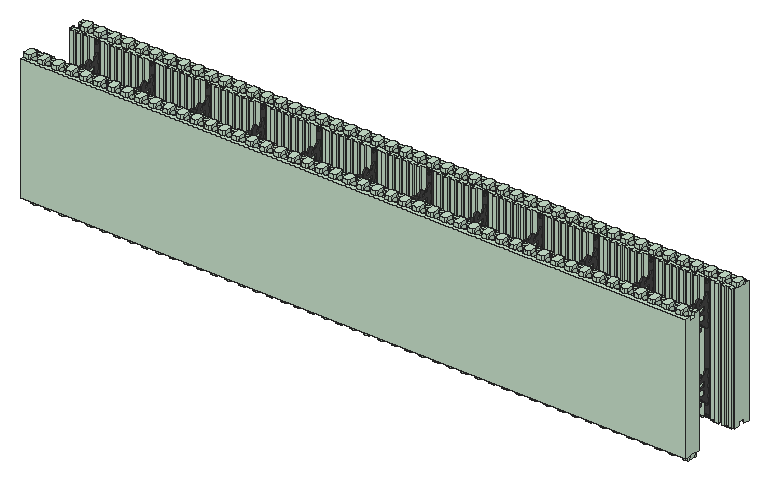
Revit family
Parameters (values of type "6-inch Standard Form Unit")
  URL = "www.nudura.com"
  Overall Form Thickness = 0' - 11 1/4"
  Model = "6-inch Standard Form Unit"
  Manufacturer = "NUDURA Corporation"
  Length = 8' - 0"
  Concrete Core Thickness = 0' - 6"
Reference planes (in)
  plane 1 "Center (Front/Back)": y = 0
  plane 2: z = 0
  plane 3 "Center (Left/Right)": x = 0
  plane 4: x = 96
  plane 5: y = 3
  plane 6: y = -3
  plane 7: y = 5.625
  plane 8: y = -5.625
  plane 9: z = 18
  plane 10: z = 18.5
  plane 11: z = -0.5
Forms (in)
  Extrusion 1, solid, material "EPS- NUDURA- Foam Panel"
    sketch origin (0, 0, 0) x (1, 0, 0) y (0, 1, 0)
      loop
        line (0.28117, 3.25) -> (0.21883, 3) -> (0.78117, 3) -> (0.71883, 3.25) -> (1.28117, 3.25) -> (1.21883, 3) -> (1.78117, 3) -> (1.71883, 3.25) -> (2.28117, 3.25) -> (2.21883, 3) -> (2.78117, 3) -> (2.71883, 3.25) -> (5.28117, 3.25) -> (5.21883, 3) -> (5.78117, 3) -> (5.71883, 3.25) -> (6.28117, 3.25) -> (6.21883, 3) -> (6.78117, 3) -> (6.71883, 3.25) -> (7.28117, 3.25) -> (7.21883, 3) -> (7.78117, 3) -> (7.71883, 3.25) -> (8.28117, 3.25) -> (8.21883, 3) -> (8.78117, 3) -> (8.71883, 3.25) -> (9.28117, 3.25) -> (9.21883, 3) -> (9.78117, 3) -> (9.71883, 3.25) -> (10.28117, 3.25) -> (10.21883, 3) -> (10.78117, 3) -> (10.71883, 3.25) -> (13.28117, 3.25) -> (13.21883, 3) -> (13.78117, 3) -> (13.71883, 3.25) -> (14.28117, 3.25) -> (14.21883, 3) -> (14.78117, 3) -> (14.71883, 3.25) -> (15.28117, 3.25) -> (15.21883, 3) -> (15.78117, 3) -> (15.71883, 3.25) -> (16.28117, 3.25) -> (16.21883, 3) -> (16.78117, 3) -> (16.71883, 3.25) -> (17.28117, 3.25) -> (17.21883, 3) -> (17.78117, 3) -> (17.71883, 3.25) -> (18.28117, 3.25) -> (18.21883, 3) -> (18.78117, 3) -> (18.71883, 3.25) -> (21.28117, 3.25) -> (21.21883, 3) -> (21.78117, 3) -> (21.71883, 3.25) -> (22.28117, 3.25) -> (22.21883, 3) -> (22.78117, 3) -> (22.71883, 3.25) -> (23.28117, 3.25) -> (23.21883, 3) -> (23.78117, 3) -> (23.71883, 3.25) -> (24.28117, 3.25) -> (24.21883, 3) -> (24.78117, 3) -> (24.71883, 3.25) -> (25.28117, 3.25) -> (25.21883, 3) -> (25.78117, 3) -> (25.71883, 3.25) -> (26.28117, 3.25) -> (26.21883, 3) -> (26.78117, 3) -> (26.71883, 3.25) -> (29.28117, 3.25) -> (29.21883, 3) -> (29.78117, 3) -> (29.71883, 3.25) -> (30.28117, 3.25) -> (30.21883, 3) -> (30.78117, 3) -> (30.71883, 3.25) -> (31.28117, 3.25) -> (31.21883, 3) -> (31.78117, 3) -> (31.71883, 3.25) -> (32.28117, 3.25) -> (32.21883, 3) -> (32.78117, 3) -> (32.71883, 3.25) -> (33.28117, 3.25) -> (33.21883, 3) -> (33.78117, 3) -> (33.71883, 3.25) -> (34.28117, 3.25) -> (34.21883, 3) -> (34.78117, 3) -> (34.71883, 3.25) -> (37.28117, 3.25) -> (37.21883, 3) -> (37.78117, 3) -> (37.71883, 3.25) -> (38.28117, 3.25) -> (38.21883, 3) -> (38.78117, 3) -> (38.71883, 3.25) -> (39.28117, 3.25) -> (39.21883, 3) -> (39.78117, 3) -> (39.71883, 3.25) -> (40.28117, 3.25) -> (40.21883, 3) -> (40.78117, 3) -> (40.71883, 3.25) -> (41.28117, 3.25) -> (41.21883, 3) -> (41.78117, 3) -> (41.71883, 3.25) -> (42.28117, 3.25) -> (42.21883, 3) -> (42.78117, 3) -> (42.71883, 3.25) -> (45.28117, 3.25) -> (45.21883, 3) -> (45.78117, 3) -> (45.71883, 3.25) -> (46.28117, 3.25) -> (46.21883, 3) -> (46.78117, 3) -> (46.71883, 3.25) -> (47.28117, 3.25) -> (47.21883, 3) -> (47.78117, 3) -> (47.71883, 3.25) -> (48.28117, 3.25) -> (48.21883, 3) -> (48.78117, 3) -> (48.71883, 3.25) -> (49.28117, 3.25) -> (49.21883, 3) -> (49.78117, 3) -> (49.71883, 3.25) -> (50.28117, 3.25) -> (50.21883, 3) -> (50.78117, 3) -> (50.71883, 3.25) -> (53.28117, 3.25) -> (53.21883, 3) -> (53.78117, 3) -> (53.71883, 3.25) -> (54.28117, 3.25) -> (54.21883, 3) -> (54.78117, 3) -> (54.71883, 3.25) -> (55.28117, 3.25) -> (55.21883, 3) -> (55.78117, 3) -> (55.71883, 3.25) -> (56.28117, 3.25) -> (56.21883, 3) -> (56.78117, 3) -> (56.71883, 3.25) -> (57.28117, 3.25) -> (57.21883, 3) -> (57.78117, 3) -> (57.71883, 3.25) -> (58.28117, 3.25) -> (58.21883, 3) -> (58.78117, 3) -> (58.71883, 3.25) -> (61.28117, 3.25) -> (61.21883, 3) -> (61.78117, 3) -> (61.71883, 3.25) -> (62.28117, 3.25) -> (62.21883, 3) -> (62.78117, 3) -> (62.71883, 3.25) -> (63.28117, 3.25) -> (63.21883, 3) -> (63.78117, 3) -> (63.71883, 3.25) -> (64.28117, 3.25) -> (64.21883, 3) -> (64.78117, 3) -> (64.71883, 3.25) -> (65.28117, 3.25) -> (65.21883, 3) -> (65.78117, 3) -> (65.71883, 3.25) -> (66.28117, 3.25) -> (66.21883, 3) -> (66.78117, 3) -> (66.71883, 3.25) -> (69.28117, 3.25) -> (69.21883, 3) -> (69.78117, 3) -> (69.71883, 3.25) -> (70.28117, 3.25) -> (70.21883, 3) -> (70.78117, 3) -> (70.71883, 3.25) -> (71.28117, 3.25) -> (71.21883, 3) -> (71.78117, 3) -> (71.71883, 3.25) -> (72.28117, 3.25) -> (72.21883, 3) -> (72.78117, 3) -> (72.71883, 3.25) -> (73.28117, 3.25) -> (73.21883, 3) -> (73.78117, 3) -> (73.71883, 3.25) -> (74.28117, 3.25) -> (74.21883, 3) -> (74.78117, 3) -> (74.71883, 3.25) -> (77.28117, 3.25) -> (77.21883, 3) -> (77.78117, 3) -> (77.71883, 3.25) -> (78.28117, 3.25) -> (78.21883, 3) -> (78.78117, 3) -> (78.71883, 3.25) -> (79.28117, 3.25) -> (79.21883, 3) -> (79.78117, 3) -> (79.71883, 3.25) -> (80.28117, 3.25) -> (80.21883, 3) -> (80.78117, 3) -> (80.71883, 3.25) -> (81.28117, 3.25) -> (81.21883, 3) -> (81.78117, 3) -> (81.71883, 3.25) -> (82.28117, 3.25) -> (82.21883, 3) -> (82.78117, 3) -> (82.71883, 3.25) -> (85.28117, 3.25) -> (85.21883, 3) -> (85.78117, 3) -> (85.71883, 3.25) -> (86.28117, 3.25) -> (86.21883, 3) -> (86.78117, 3) -> (86.71883, 3.25) -> (87.28117, 3.25) -> (87.21883, 3) -> (87.78117, 3) -> (87.71883, 3.25) -> (88.28117, 3.25) -> (88.21883, 3) -> (88.78117, 3) -> (88.71883, 3.25) -> (89.28117, 3.25) -> (89.21883, 3) -> (89.78117, 3) -> (89.71883, 3.25) -> (90.28117, 3.25) -> (90.21883, 3) -> (90.78117, 3) -> (90.71883, 3.25) -> (93.28117, 3.25) -> (93.21883, 3) -> (93.78117, 3) -> (93.71883, 3.25) -> (94.28117, 3.25) -> (94.21883, 3) -> (94.78117, 3) -> (94.71883, 3.25) -> (95.28117, 3.25) -> (95.21883, 3) -> (95.78117, 3) -> (95.71883, 3.25) -> (96, 3.25) -> (96, 5.625) -> (0, 5.625) -> (0, 3.25) -> (0.28117, 3.25)
      loop
        line (0.28117, -3.25) -> (0, -3.25) -> (0, -5.625) -> (96, -5.625) -> (96, -3.25) -> (95.71883, -3.25) -> (95.78117, -3) -> (95.21883, -3) -> (95.28117, -3.25) -> (94.71883, -3.25) -> (94.78117, -3) -> (94.21883, -3) -> (94.28117, -3.25) -> (93.71883, -3.25) -> (93.78117, -3) -> (93.21883, -3) -> (93.28117, -3.25) -> (90.71883, -3.25) -> (90.78117, -3) -> (90.21883, -3) -> (90.28117, -3.25) -> (89.71883, -3.25) -> (89.78117, -3) -> (89.21883, -3) -> (89.28117, -3.25) -> (88.71883, -3.25) -> (88.78117, -3) -> (88.21883, -3) -> (88.28117, -3.25) -> (87.71883, -3.25) -> (87.78117, -3) -> (87.21883, -3) -> (87.28117, -3.25) -> (86.71883, -3.25) -> (86.78117, -3) -> (86.21883, -3) -> (86.28117, -3.25) -> (85.71883, -3.25) -> (85.78117, -3) -> (85.21883, -3) -> (85.28117, -3.25) -> (82.71883, -3.25) -> (82.78117, -3) -> (82.21883, -3) -> (82.28117, -3.25) -> (81.71883, -3.25) -> (81.78117, -3) -> (81.21883, -3) -> (81.28117, -3.25) -> (80.71883, -3.25) -> (80.78117, -3) -> (80.21883, -3) -> (80.28117, -3.25) -> (79.71883, -3.25) -> (79.78117, -3) -> (79.21883, -3) -> (79.28117, -3.25) -> (78.71883, -3.25) -> (78.78117, -3) -> (78.21883, -3) -> (78.28117, -3.25) -> (77.71883, -3.25) -> (77.78117, -3) -> (77.21883, -3) -> (77.28117, -3.25) -> (74.71883, -3.25) -> (74.78117, -3) -> (74.21883, -3) -> (74.28117, -3.25) -> (73.71883, -3.25) -> (73.78117, -3) -> (73.21883, -3) -> (73.28117, -3.25) -> (72.71883, -3.25) -> (72.78117, -3) -> (72.21883, -3) -> (72.28117, -3.25) -> (71.71883, -3.25) -> (71.78117, -3) -> (71.21883, -3) -> (71.28117, -3.25) -> (70.71883, -3.25) -> (70.78117, -3) -> (70.21883, -3) -> (70.28117, -3.25) -> (69.71883, -3.25) -> (69.78117, -3) -> (69.21883, -3) -> (69.28117, -3.25) -> (66.71883, -3.25) -> (66.78117, -3) -> (66.21883, -3) -> (66.28117, -3.25) -> (65.71883, -3.25) -> (65.78117, -3) -> (65.21883, -3) -> (65.28117, -3.25) -> (64.71883, -3.25) -> (64.78117, -3) -> (64.21883, -3) -> (64.28117, -3.25) -> (63.71883, -3.25) -> (63.78117, -3) -> (63.21883, -3) -> (63.28117, -3.25) -> (62.71883, -3.25) -> (62.78117, -3) -> (62.21883, -3) -> (62.28117, -3.25) -> (61.71883, -3.25) -> (61.78117, -3) -> (61.21883, -3) -> (61.28117, -3.25) -> (58.71883, -3.25) -> (58.78117, -3) -> (58.21883, -3) -> (58.28117, -3.25) -> (57.71883, -3.25) -> (57.78117, -3) -> (57.21883, -3) -> (57.28117, -3.25) -> (56.71883, -3.25) -> (56.78117, -3) -> (56.21883, -3) -> (56.28117, -3.25) -> (55.71883, -3.25) -> (55.78117, -3) -> (55.21883, -3) -> (55.28117, -3.25) -> (54.71883, -3.25) -> (54.78117, -3) -> (54.21883, -3) -> (54.28117, -3.25) -> (53.71883, -3.25) -> (53.78117, -3) -> (53.21883, -3) -> (53.28117, -3.25) -> (50.71883, -3.25) -> (50.78117, -3) -> (50.21883, -3) -> (50.28117, -3.25) -> (49.71883, -3.25) -> (49.78117, -3) -> (49.21883, -3) -> (49.28117, -3.25) -> (48.71883, -3.25) -> (48.78117, -3) -> (48.21883, -3) -> (48.28117, -3.25) -> (47.71883, -3.25) -> (47.78117, -3) -> (47.21883, -3) -> (47.28117, -3.25) -> (46.71883, -3.25) -> (46.78117, -3) -> (46.21883, -3) -> (46.28117, -3.25) -> (45.71883, -3.25) -> (45.78117, -3) -> (45.21883, -3) -> (45.28117, -3.25) -> (42.71883, -3.25) -> (42.78117, -3) -> (42.21883, -3) -> (42.28117, -3.25) -> (41.71883, -3.25) -> (41.78117, -3) -> (41.21883, -3) -> (41.28117, -3.25) -> (40.71883, -3.25) -> (40.78117, -3) -> (40.21883, -3) -> (40.28117, -3.25) -> (39.71883, -3.25) -> (39.78117, -3) -> (39.21883, -3) -> (39.28117, -3.25) -> (38.71883, -3.25) -> (38.78117, -3) -> (38.21883, -3) -> (38.28117, -3.25) -> (37.71883, -3.25) -> (37.78117, -3) -> (37.21883, -3) -> (37.28117, -3.25) -> (34.71883, -3.25) -> (34.78117, -3) -> (34.21883, -3) -> (34.28117, -3.25) -> (33.71883, -3.25) -> (33.78117, -3) -> (33.21883, -3) -> (33.28117, -3.25) -> (32.71883, -3.25) -> (32.78117, -3) -> (32.21883, -3) -> (32.28117, -3.25) -> (31.71883, -3.25) -> (31.78117, -3) -> (31.21883, -3) -> (31.28117, -3.25) -> (30.71883, -3.25) -> (30.78117, -3) -> (30.21883, -3) -> (30.28117, -3.25) -> (29.71883, -3.25) -> (29.78117, -3) -> (29.21883, -3) -> (29.28117, -3.25) -> (26.71883, -3.25) -> (26.78117, -3) -> (26.21883, -3) -> (26.28117, -3.25) -> (25.71883, -3.25) -> (25.78117, -3) -> (25.21883, -3) -> (25.28117, -3.25) -> (24.71883, -3.25) -> (24.78117, -3) -> (24.21883, -3) -> (24.28117, -3.25) -> (23.71883, -3.25) -> (23.78117, -3) -> (23.21883, -3) -> (23.28117, -3.25) -> (22.71883, -3.25) -> (22.78117, -3) -> (22.21883, -3) -> (22.28117, -3.25) -> (21.71883, -3.25) -> (21.78117, -3) -> (21.21883, -3) -> (21.28117, -3.25) -> (18.71883, -3.25) -> (18.78117, -3) -> (18.21883, -3) -> (18.28117, -3.25) -> (17.71883, -3.25) -> (17.78117, -3) -> (17.21883, -3) -> (17.28117, -3.25) -> (16.71883, -3.25) -> (16.78117, -3) -> (16.21883, -3) -> (16.28117, -3.25) -> (15.71883, -3.25) -> (15.78117, -3) -> (15.21883, -3) -> (15.28117, -3.25) -> (14.71883, -3.25) -> (14.78117, -3) -> (14.21883, -3) -> (14.28117, -3.25) -> (13.71883, -3.25) -> (13.78117, -3) -> (13.21883, -3) -> (13.28117, -3.25) -> (10.71883, -3.25) -> (10.78117, -3) -> (10.21883, -3) -> (10.28117, -3.25) -> (9.71883, -3.25) -> (9.78117, -3) -> (9.21883, -3) -> (9.28117, -3.25) -> (8.71883, -3.25) -> (8.78117, -3) -> (8.21883, -3) -> (8.28117, -3.25) -> (7.71883, -3.25) -> (7.78117, -3) -> (7.21883, -3) -> (7.28117, -3.25) -> (6.71883, -3.25) -> (6.78117, -3) -> (6.21883, -3) -> (6.28117, -3.25) -> (5.71883, -3.25) -> (5.78117, -3) -> (5.21883, -3) -> (5.28117, -3.25) -> (2.71883, -3.25) -> (2.78117, -3) -> (2.21883, -3) -> (2.28117, -3.25) -> (1.71883, -3.25) -> (1.78117, -3) -> (1.21883, -3) -> (1.28117, -3.25) -> (0.71883, -3.25) -> (0.78117, -3) -> (0.21883, -3) -> (0.28117, -3.25)
    from 0 to 18
  Extrusion 2, void
    sketch origin (0, 0, 0) x (1, 0, 0) y (0, 1, 0)
      loop
        arc (1, -4.89808) -> (1.04785, -5.04517) -> (1.17308, -5.13595) r 0.25
        arc (1.17308, -5.13595) -> (1.5, -5.1875) -> (1.82692, -5.13595) r 1.0625
        arc (1.82692, -5.13595) -> (1.95215, -5.04517) -> (2, -4.89808) r 0.25
        line (2, -4.89808) -> (2, -3.97692)
        arc (2, -3.97692) -> (1.98276, -3.88568) -> (1.9334, -3.80702) r 0.25
        arc (1.9334, -3.80702) -> (1.92106, -3.78736) -> (1.91675, -3.76455) r 0.0625
        line (1.91675, -3.76455) -> (1.91675, -3.41845) -> (1.74592, -3.41845) -> (1.74592, -3.64005)
        arc (1.74592, -3.64005) -> (1.72385, -3.68771) -> (1.67323, -3.70172) r 0.0625
        arc (1.67323, -3.70172) -> (1.42092, -3.69045) -> (1.17308, -3.73905) r 1.0625
        arc (1.17308, -3.73905) -> (1.04785, -3.82983) -> (1, -3.97692) r 0.25
        line (1, -3.97692) -> (1, -4.89808)
    from 18 to 17.5
  Extrusion 3, void
    sketch origin (2, 0, 0) x (1, 0, 0) y (0, 1, 0)
      loop
        arc (1, -4.89808) -> (1.04785, -5.04517) -> (1.17308, -5.13595) r 0.25
        arc (1.17308, -5.13595) -> (1.5, -5.1875) -> (1.82692, -5.13595) r 1.0625
        arc (1.82692, -5.13595) -> (1.95215, -5.04517) -> (2, -4.89808) r 0.25
        line (2, -4.89808) -> (2, -3.97692)
        arc (2, -3.97692) -> (1.98276, -3.88568) -> (1.9334, -3.80702) r 0.25
        arc (1.9334, -3.80702) -> (1.92106, -3.78736) -> (1.91675, -3.76455) r 0.0625
        line (1.91675, -3.76455) -> (1.91675, -3.41845) -> (1.74592, -3.41845) -> (1.74592, -3.64005)
        arc (1.74592, -3.64005) -> (1.72385, -3.68771) -> (1.67323, -3.70172) r 0.0625
        arc (1.67323, -3.70172) -> (1.42092, -3.69045) -> (1.17308, -3.73905) r 1.0625
        arc (1.17308, -3.73905) -> (1.04785, -3.82983) -> (1, -3.97692) r 0.25
        line (1, -3.97692) -> (1, -4.89808)
    from 18 to 17.5
  Extrusion 4, void
    sketch origin (4, 0, 0) x (1, 0, 0) y (0, 1, 0)
      loop
        arc (1, -4.89808) -> (1.04785, -5.04517) -> (1.17308, -5.13595) r 0.25
        arc (1.17308, -5.13595) -> (1.5, -5.1875) -> (1.82692, -5.13595) r 1.0625
        arc (1.82692, -5.13595) -> (1.95215, -5.04517) -> (2, -4.89808) r 0.25
        line (2, -4.89808) -> (2, -3.97692)
        arc (2, -3.97692) -> (1.98276, -3.88568) -> (1.9334, -3.80702) r 0.25
        arc (1.9334, -3.80702) -> (1.92106, -3.78736) -> (1.91675, -3.76455) r 0.0625
        line (1.91675, -3.76455) -> (1.91675, -3.41845) -> (1.74592, -3.41845) -> (1.74592, -3.64005)
        arc (1.74592, -3.64005) -> (1.72385, -3.68771) -> (1.67323, -3.70172) r 0.0625
        arc (1.67323, -3.70172) -> (1.42092, -3.69045) -> (1.17308, -3.73905) r 1.0625
        arc (1.17308, -3.73905) -> (1.04785, -3.82983) -> (1, -3.97692) r 0.25
        line (1, -3.97692) -> (1, -4.89808)
    from 18 to 17.5
  Extrusion 5, void
    sketch origin (6, 0, 0) x (1, 0, 0) y (0, 1, 0)
      loop
        arc (1, -4.89808) -> (1.04785, -5.04517) -> (1.17308, -5.13595) r 0.25
        arc (1.17308, -5.13595) -> (1.5, -5.1875) -> (1.82692, -5.13595) r 1.0625
        arc (1.82692, -5.13595) -> (1.95215, -5.04517) -> (2, -4.89808) r 0.25
        line (2, -4.89808) -> (2, -3.97692)
        arc (2, -3.97692) -> (1.98276, -3.88568) -> (1.9334, -3.80702) r 0.25
        arc (1.9334, -3.80702) -> (1.92106, -3.78736) -> (1.91675, -3.76455) r 0.0625
        line (1.91675, -3.76455) -> (1.91675, -3.41845) -> (1.74592, -3.41845) -> (1.74592, -3.64005)
        arc (1.74592, -3.64005) -> (1.72385, -3.68771) -> (1.67323, -3.70172) r 0.0625
        arc (1.67323, -3.70172) -> (1.42092, -3.69045) -> (1.17308, -3.73905) r 1.0625
        arc (1.17308, -3.73905) -> (1.04785, -3.82983) -> (1, -3.97692) r 0.25
        line (1, -3.97692) -> (1, -4.89808)
    from 18 to 17.5
  Extrusion 6, void
    sketch origin (8, 0, 0) x (1, 0, 0) y (0, 1, 0)
      loop
        arc (1, -4.89808) -> (1.04785, -5.04517) -> (1.17308, -5.13595) r 0.25
        arc (1.17308, -5.13595) -> (1.5, -5.1875) -> (1.82692, -5.13595) r 1.0625
        arc (1.82692, -5.13595) -> (1.95215, -5.04517) -> (2, -4.89808) r 0.25
        line (2, -4.89808) -> (2, -3.97692)
        arc (2, -3.97692) -> (1.98276, -3.88568) -> (1.9334, -3.80702) r 0.25
        arc (1.9334, -3.80702) -> (1.92106, -3.78736) -> (1.91675, -3.76455) r 0.0625
        line (1.91675, -3.76455) -> (1.91675, -3.41845) -> (1.74592, -3.41845) -> (1.74592, -3.64005)
        arc (1.74592, -3.64005) -> (1.72385, -3.68771) -> (1.67323, -3.70172) r 0.0625
        arc (1.67323, -3.70172) -> (1.42092, -3.69045) -> (1.17308, -3.73905) r 1.0625
        arc (1.17308, -3.73905) -> (1.04785, -3.82983) -> (1, -3.97692) r 0.25
        line (1, -3.97692) -> (1, -4.89808)
    from 18 to 17.5
  Extrusion 7, void
    sketch origin (10, 0, 0) x (1, 0, 0) y (0, 1, 0)
      loop
        arc (1, -4.89808) -> (1.04785, -5.04517) -> (1.17308, -5.13595) r 0.25
        arc (1.17308, -5.13595) -> (1.5, -5.1875) -> (1.82692, -5.13595) r 1.0625
        arc (1.82692, -5.13595) -> (1.95215, -5.04517) -> (2, -4.89808) r 0.25
        line (2, -4.89808) -> (2, -3.97692)
        arc (2, -3.97692) -> (1.98276, -3.88568) -> (1.9334, -3.80702) r 0.25
        arc (1.9334, -3.80702) -> (1.92106, -3.78736) -> (1.91675, -3.76455) r 0.0625
        line (1.91675, -3.76455) -> (1.91675, -3.41845) -> (1.74592, -3.41845) -> (1.74592, -3.64005)
        arc (1.74592, -3.64005) -> (1.72385, -3.68771) -> (1.67323, -3.70172) r 0.0625
        arc (1.67323, -3.70172) -> (1.42092, -3.69045) -> (1.17308, -3.73905) r 1.0625
        arc (1.17308, -3.73905) -> (1.04785, -3.82983) -> (1, -3.97692) r 0.25
        line (1, -3.97692) -> (1, -4.89808)
    from 18 to 17.5
  Extrusion 8, void
    sketch origin (12, 0, 0) x (1, 0, 0) y (0, 1, 0)
      loop
        arc (1, -4.89808) -> (1.04785, -5.04517) -> (1.17308, -5.13595) r 0.25
        arc (1.17308, -5.13595) -> (1.5, -5.1875) -> (1.82692, -5.13595) r 1.0625
        arc (1.82692, -5.13595) -> (1.95215, -5.04517) -> (2, -4.89808) r 0.25
        line (2, -4.89808) -> (2, -3.97692)
        arc (2, -3.97692) -> (1.98276, -3.88568) -> (1.9334, -3.80702) r 0.25
        arc (1.9334, -3.80702) -> (1.92106, -3.78736) -> (1.91675, -3.76455) r 0.0625
        line (1.91675, -3.76455) -> (1.91675, -3.41845) -> (1.74592, -3.41845) -> (1.74592, -3.64005)
        arc (1.74592, -3.64005) -> (1.72385, -3.68771) -> (1.67323, -3.70172) r 0.0625
        arc (1.67323, -3.70172) -> (1.42092, -3.69045) -> (1.17308, -3.73905) r 1.0625
        arc (1.17308, -3.73905) -> (1.04785, -3.82983) -> (1, -3.97692) r 0.25
        line (1, -3.97692) -> (1, -4.89808)
    from 18 to 17.5
  Extrusion 9, void
    sketch origin (14, 0, 0) x (1, 0, 0) y (0, 1, 0)
      loop
        arc (1, -4.89808) -> (1.04785, -5.04517) -> (1.17308, -5.13595) r 0.25
        arc (1.17308, -5.13595) -> (1.5, -5.1875) -> (1.82692, -5.13595) r 1.0625
        arc (1.82692, -5.13595) -> (1.95215, -5.04517) -> (2, -4.89808) r 0.25
        line (2, -4.89808) -> (2, -3.97692)
        arc (2, -3.97692) -> (1.98276, -3.88568) -> (1.9334, -3.80702) r 0.25
        arc (1.9334, -3.80702) -> (1.92106, -3.78736) -> (1.91675, -3.76455) r 0.0625
        line (1.91675, -3.76455) -> (1.91675, -3.41845) -> (1.74592, -3.41845) -> (1.74592, -3.64005)
        arc (1.74592, -3.64005) -> (1.72385, -3.68771) -> (1.67323, -3.70172) r 0.0625
        arc (1.67323, -3.70172) -> (1.42092, -3.69045) -> (1.17308, -3.73905) r 1.0625
        arc (1.17308, -3.73905) -> (1.04785, -3.82983) -> (1, -3.97692) r 0.25
        line (1, -3.97692) -> (1, -4.89808)
    from 18 to 17.5
  Extrusion 10, void
    sketch origin (16, 0, 0) x (1, 0, 0) y (0, 1, 0)
      loop
        arc (1, -4.89808) -> (1.04785, -5.04517) -> (1.17308, -5.13595) r 0.25
        arc (1.17308, -5.13595) -> (1.5, -5.1875) -> (1.82692, -5.13595) r 1.0625
        arc (1.82692, -5.13595) -> (1.95215, -5.04517) -> (2, -4.89808) r 0.25
        line (2, -4.89808) -> (2, -3.97692)
        arc (2, -3.97692) -> (1.98276, -3.88568) -> (1.9334, -3.80702) r 0.25
        arc (1.9334, -3.80702) -> (1.92106, -3.78736) -> (1.91675, -3.76455) r 0.0625
        line (1.91675, -3.76455) -> (1.91675, -3.41845) -> (1.74592, -3.41845) -> (1.74592, -3.64005)
        arc (1.74592, -3.64005) -> (1.72385, -3.68771) -> (1.67323, -3.70172) r 0.0625
        arc (1.67323, -3.70172) -> (1.42092, -3.69045) -> (1.17308, -3.73905) r 1.0625
        arc (1.17308, -3.73905) -> (1.04785, -3.82983) -> (1, -3.97692) r 0.25
        line (1, -3.97692) -> (1, -4.89808)
    from 18 to 17.5
  Extrusion 11, void
    sketch origin (18, 0, 0) x (1, 0, 0) y (0, 1, 0)
      loop
        arc (1, -4.89808) -> (1.04785, -5.04517) -> (1.17308, -5.13595) r 0.25
        arc (1.17308, -5.13595) -> (1.5, -5.1875) -> (1.82692, -5.13595) r 1.0625
        arc (1.82692, -5.13595) -> (1.95215, -5.04517) -> (2, -4.89808) r 0.25
        line (2, -4.89808) -> (2, -3.97692)
        arc (2, -3.97692) -> (1.98276, -3.88568) -> (1.9334, -3.80702) r 0.25
        arc (1.9334, -3.80702) -> (1.92106, -3.78736) -> (1.91675, -3.76455) r 0.0625
        line (1.91675, -3.76455) -> (1.91675, -3.41845) -> (1.74592, -3.41845) -> (1.74592, -3.64005)
        arc (1.74592, -3.64005) -> (1.72385, -3.68771) -> (1.67323, -3.70172) r 0.0625
        arc (1.67323, -3.70172) -> (1.42092, -3.69045) -> (1.17308, -3.73905) r 1.0625
        arc (1.17308, -3.73905) -> (1.04785, -3.82983) -> (1, -3.97692) r 0.25
        line (1, -3.97692) -> (1, -4.89808)
    from 18 to 17.5
  Extrusion 12, void
    sketch origin (20, 0, 0) x (1, 0, 0) y (0, 1, 0)
      loop
        arc (1, -4.89808) -> (1.04785, -5.04517) -> (1.17308, -5.13595) r 0.25
        arc (1.17308, -5.13595) -> (1.5, -5.1875) -> (1.82692, -5.13595) r 1.0625
        arc (1.82692, -5.13595) -> (1.95215, -5.04517) -> (2, -4.89808) r 0.25
        line (2, -4.89808) -> (2, -3.97692)
        arc (2, -3.97692) -> (1.98276, -3.88568) -> (1.9334, -3.80702) r 0.25
        arc (1.9334, -3.80702) -> (1.92106, -3.78736) -> (1.91675, -3.76455) r 0.0625
        line (1.91675, -3.76455) -> (1.91675, -3.41845) -> (1.74592, -3.41845) -> (1.74592, -3.64005)
        arc (1.74592, -3.64005) -> (1.72385, -3.68771) -> (1.67323, -3.70172) r 0.0625
        arc (1.67323, -3.70172) -> (1.42092, -3.69045) -> (1.17308, -3.73905) r 1.0625
        arc (1.17308, -3.73905) -> (1.04785, -3.82983) -> (1, -3.97692) r 0.25
        line (1, -3.97692) -> (1, -4.89808)
    from 18 to 17.5
  Extrusion 13, void
    sketch origin (22, 0, 0) x (1, 0, 0) y (0, 1, 0)
      loop
        arc (1, -4.89808) -> (1.04785, -5.04517) -> (1.17308, -5.13595) r 0.25
        arc (1.17308, -5.13595) -> (1.5, -5.1875) -> (1.82692, -5.13595) r 1.0625
        arc (1.82692, -5.13595) -> (1.95215, -5.04517) -> (2, -4.89808) r 0.25
        line (2, -4.89808) -> (2, -3.97692)
        arc (2, -3.97692) -> (1.98276, -3.88568) -> (1.9334, -3.80702) r 0.25
        arc (1.9334, -3.80702) -> (1.92106, -3.78736) -> (1.91675, -3.76455) r 0.0625
        line (1.91675, -3.76455) -> (1.91675, -3.41845) -> (1.74592, -3.41845) -> (1.74592, -3.64005)
        arc (1.74592, -3.64005) -> (1.72385, -3.68771) -> (1.67323, -3.70172) r 0.0625
        arc (1.67323, -3.70172) -> (1.42092, -3.69045) -> (1.17308, -3.73905) r 1.0625
        arc (1.17308, -3.73905) -> (1.04785, -3.82983) -> (1, -3.97692) r 0.25
        line (1, -3.97692) -> (1, -4.89808)
    from 18 to 17.5
  Extrusion 14, void
    sketch origin (24, 0, 0) x (1, 0, 0) y (0, 1, 0)
      loop
        arc (1, -4.89808) -> (1.04785, -5.04517) -> (1.17308, -5.13595) r 0.25
        arc (1.17308, -5.13595) -> (1.5, -5.1875) -> (1.82692, -5.13595) r 1.0625
        arc (1.82692, -5.13595) -> (1.95215, -5.04517) -> (2, -4.89808) r 0.25
        line (2, -4.89808) -> (2, -3.97692)
        arc (2, -3.97692) -> (1.98276, -3.88568) -> (1.9334, -3.80702) r 0.25
        arc (1.9334, -3.80702) -> (1.92106, -3.78736) -> (1.91675, -3.76455) r 0.0625
        line (1.91675, -3.76455) -> (1.91675, -3.41845) -> (1.74592, -3.41845) -> (1.74592, -3.64005)
        arc (1.74592, -3.64005) -> (1.72385, -3.68771) -> (1.67323, -3.70172) r 0.0625
        arc (1.67323, -3.70172) -> (1.42092, -3.69045) -> (1.17308, -3.73905) r 1.0625
        arc (1.17308, -3.73905) -> (1.04785, -3.82983) -> (1, -3.97692) r 0.25
        line (1, -3.97692) -> (1, -4.89808)
    from 18 to 17.5
  Extrusion 15, void
    sketch origin (26, 0, 0) x (1, 0, 0) y (0, 1, 0)
      loop
        arc (1, -4.89808) -> (1.04785, -5.04517) -> (1.17308, -5.13595) r 0.25
        arc (1.17308, -5.13595) -> (1.5, -5.1875) -> (1.82692, -5.13595) r 1.0625
        arc (1.82692, -5.13595) -> (1.95215, -5.04517) -> (2, -4.89808) r 0.25
        line (2, -4.89808) -> (2, -3.97692)
        arc (2, -3.97692) -> (1.98276, -3.88568) -> (1.9334, -3.80702) r 0.25
        arc (1.9334, -3.80702) -> (1.92106, -3.78736) -> (1.91675, -3.76455) r 0.0625
        line (1.91675, -3.76455) -> (1.91675, -3.41845) -> (1.74592, -3.41845) -> (1.74592, -3.64005)
        arc (1.74592, -3.64005) -> (1.72385, -3.68771) -> (1.67323, -3.70172) r 0.0625
        arc (1.67323, -3.70172) -> (1.42092, -3.69045) -> (1.17308, -3.73905) r 1.0625
        arc (1.17308, -3.73905) -> (1.04785, -3.82983) -> (1, -3.97692) r 0.25
        line (1, -3.97692) -> (1, -4.89808)
    from 18 to 17.5
  Extrusion 16, void
    sketch origin (28, 0, 0) x (1, 0, 0) y (0, 1, 0)
      loop
        arc (1, -4.89808) -> (1.04785, -5.04517) -> (1.17308, -5.13595) r 0.25
        arc (1.17308, -5.13595) -> (1.5, -5.1875) -> (1.82692, -5.13595) r 1.0625
        arc (1.82692, -5.13595) -> (1.95215, -5.04517) -> (2, -4.89808) r 0.25
        line (2, -4.89808) -> (2, -3.97692)
        arc (2, -3.97692) -> (1.98276, -3.88568) -> (1.9334, -3.80702) r 0.25
        arc (1.9334, -3.80702) -> (1.92106, -3.78736) -> (1.91675, -3.76455) r 0.0625
        line (1.91675, -3.76455) -> (1.91675, -3.41845) -> (1.74592, -3.41845) -> (1.74592, -3.64005)
        arc (1.74592, -3.64005) -> (1.72385, -3.68771) -> (1.67323, -3.70172) r 0.0625
        arc (1.67323, -3.70172) -> (1.42092, -3.69045) -> (1.17308, -3.73905) r 1.0625
        arc (1.17308, -3.73905) -> (1.04785, -3.82983) -> (1, -3.97692) r 0.25
        line (1, -3.97692) -> (1, -4.89808)
    from 18 to 17.5
  Extrusion 17, void
    sketch origin (30, 0, 0) x (1, 0, 0) y (0, 1, 0)
      loop
        arc (1, -4.89808) -> (1.04785, -5.04517) -> (1.17308, -5.13595) r 0.25
        arc (1.17308, -5.13595) -> (1.5, -5.1875) -> (1.82692, -5.13595) r 1.0625
        arc (1.82692, -5.13595) -> (1.95215, -5.04517) -> (2, -4.89808) r 0.25
        line (2, -4.89808) -> (2, -3.97692)
        arc (2, -3.97692) -> (1.98276, -3.88568) -> (1.9334, -3.80702) r 0.25
        arc (1.9334, -3.80702) -> (1.92106, -3.78736) -> (1.91675, -3.76455) r 0.0625
        line (1.91675, -3.76455) -> (1.91675, -3.41845) -> (1.74592, -3.41845) -> (1.74592, -3.64005)
        arc (1.74592, -3.64005) -> (1.72385, -3.68771) -> (1.67323, -3.70172) r 0.0625
        arc (1.67323, -3.70172) -> (1.42092, -3.69045) -> (1.17308, -3.73905) r 1.0625
        arc (1.17308, -3.73905) -> (1.04785, -3.82983) -> (1, -3.97692) r 0.25
        line (1, -3.97692) -> (1, -4.89808)
    from 18 to 17.5
  Extrusion 18, void
    sketch origin (32, 0, 0) x (1, 0, 0) y (0, 1, 0)
      loop
        arc (1, -4.89808) -> (1.04785, -5.04517) -> (1.17308, -5.13595) r 0.25
        arc (1.17308, -5.13595) -> (1.5, -5.1875) -> (1.82692, -5.13595) r 1.0625
        arc (1.82692, -5.13595) -> (1.95215, -5.04517) -> (2, -4.89808) r 0.25
        line (2, -4.89808) -> (2, -3.97692)
        arc (2, -3.97692) -> (1.98276, -3.88568) -> (1.9334, -3.80702) r 0.25
        arc (1.9334, -3.80702) -> (1.92106, -3.78736) -> (1.91675, -3.76455) r 0.0625
        line (1.91675, -3.76455) -> (1.91675, -3.41845) -> (1.74592, -3.41845) -> (1.74592, -3.64005)
        arc (1.74592, -3.64005) -> (1.72385, -3.68771) -> (1.67323, -3.70172) r 0.0625
        arc (1.67323, -3.70172) -> (1.42092, -3.69045) -> (1.17308, -3.73905) r 1.0625
        arc (1.17308, -3.73905) -> (1.04785, -3.82983) -> (1, -3.97692) r 0.25
        line (1, -3.97692) -> (1, -4.89808)
    from 18 to 17.5
  Extrusion 19, void
    sketch origin (34, 0, 0) x (1, 0, 0) y (0, 1, 0)
      loop
        arc (1, -4.89808) -> (1.04785, -5.04517) -> (1.17308, -5.13595) r 0.25
        arc (1.17308, -5.13595) -> (1.5, -5.1875) -> (1.82692, -5.13595) r 1.0625
        arc (1.82692, -5.13595) -> (1.95215, -5.04517) -> (2, -4.89808) r 0.25
        line (2, -4.89808) -> (2, -3.97692)
        arc (2, -3.97692) -> (1.98276, -3.88568) -> (1.9334, -3.80702) r 0.25
        arc (1.9334, -3.80702) -> (1.92106, -3.78736) -> (1.91675, -3.76455) r 0.0625
        line (1.91675, -3.76455) -> (1.91675, -3.41845) -> (1.74592, -3.41845) -> (1.74592, -3.64005)
        arc (1.74592, -3.64005) -> (1.72385, -3.68771) -> (1.67323, -3.70172) r 0.0625
        arc (1.67323, -3.70172) -> (1.42092, -3.69045) -> (1.17308, -3.73905) r 1.0625
        arc (1.17308, -3.73905) -> (1.04785, -3.82983) -> (1, -3.97692) r 0.25
        line (1, -3.97692) -> (1, -4.89808)
    from 18 to 17.5
  Extrusion 20, void
    sketch origin (36, 0, 0) x (1, 0, 0) y (0, 1, 0)
      loop
        arc (1, -4.89808) -> (1.04785, -5.04517) -> (1.17308, -5.13595) r 0.25
        arc (1.17308, -5.13595) -> (1.5, -5.1875) -> (1.82692, -5.13595) r 1.0625
        arc (1.82692, -5.13595) -> (1.95215, -5.04517) -> (2, -4.89808) r 0.25
        line (2, -4.89808) -> (2, -3.97692)
        arc (2, -3.97692) -> (1.98276, -3.88568) -> (1.9334, -3.80702) r 0.25
        arc (1.9334, -3.80702) -> (1.92106, -3.78736) -> (1.91675, -3.76455) r 0.0625
        line (1.91675, -3.76455) -> (1.91675, -3.41845) -> (1.74592, -3.41845) -> (1.74592, -3.64005)
        arc (1.74592, -3.64005) -> (1.72385, -3.68771) -> (1.67323, -3.70172) r 0.0625
        arc (1.67323, -3.70172) -> (1.42092, -3.69045) -> (1.17308, -3.73905) r 1.0625
        arc (1.17308, -3.73905) -> (1.04785, -3.82983) -> (1, -3.97692) r 0.25
        line (1, -3.97692) -> (1, -4.89808)
    from 18 to 17.5
  Extrusion 21, void
    sketch origin (38, 0, 0) x (1, 0, 0) y (0, 1, 0)
      loop
        arc (1, -4.89808) -> (1.04785, -5.04517) -> (1.17308, -5.13595) r 0.25
        arc (1.17308, -5.13595) -> (1.5, -5.1875) -> (1.82692, -5.13595) r 1.0625
        arc (1.82692, -5.13595) -> (1.95215, -5.04517) -> (2, -4.89808) r 0.25
        line (2, -4.89808) -> (2, -3.97692)
        arc (2, -3.97692) -> (1.98276, -3.88568) -> (1.9334, -3.80702) r 0.25
        arc (1.9334, -3.80702) -> (1.92106, -3.78736) -> (1.91675, -3.76455) r 0.0625
        line (1.91675, -3.76455) -> (1.91675, -3.41845) -> (1.74592, -3.41845) -> (1.74592, -3.64005)
        arc (1.74592, -3.64005) -> (1.72385, -3.68771) -> (1.67323, -3.70172) r 0.0625
        arc (1.67323, -3.70172) -> (1.42092, -3.69045) -> (1.17308, -3.73905) r 1.0625
        arc (1.17308, -3.73905) -> (1.04785, -3.82983) -> (1, -3.97692) r 0.25
        line (1, -3.97692) -> (1, -4.89808)
    from 18 to 17.5
  Extrusion 22, void
    sketch origin (40, 0, 0) x (1, 0, 0) y (0, 1, 0)
      loop
        arc (1, -4.89808) -> (1.04785, -5.04517) -> (1.17308, -5.13595) r 0.25
        arc (1.17308, -5.13595) -> (1.5, -5.1875) -> (1.82692, -5.13595) r 1.0625
        arc (1.82692, -5.13595) -> (1.95215, -5.04517) -> (2, -4.89808) r 0.25
        line (2, -4.89808) -> (2, -3.97692)
        arc (2, -3.97692) -> (1.98276, -3.88568) -> (1.9334, -3.80702) r 0.25
        arc (1.9334, -3.80702) -> (1.92106, -3.78736) -> (1.91675, -3.76455) r 0.0625
        line (1.91675, -3.76455) -> (1.91675, -3.41845) -> (1.74592, -3.41845) -> (1.74592, -3.64005)
        arc (1.74592, -3.64005) -> (1.72385, -3.68771) -> (1.67323, -3.70172) r 0.0625
        arc (1.67323, -3.70172) -> (1.42092, -3.69045) -> (1.17308, -3.73905) r 1.0625
        arc (1.17308, -3.73905) -> (1.04785, -3.82983) -> (1, -3.97692) r 0.25
        line (1, -3.97692) -> (1, -4.89808)
    from 18 to 17.5
  Extrusion 23, void
    sketch origin (42, 0, 0) x (1, 0, 0) y (0, 1, 0)
      loop
        arc (1, -4.89808) -> (1.04785, -5.04517) -> (1.17308, -5.13595) r 0.25
        arc (1.17308, -5.13595) -> (1.5, -5.1875) -> (1.82692, -5.13595) r 1.0625
        arc (1.82692, -5.13595) -> (1.95215, -5.04517) -> (2, -4.89808) r 0.25
        line (2, -4.89808) -> (2, -3.97692)
        arc (2, -3.97692) -> (1.98276, -3.88568) -> (1.9334, -3.80702) r 0.25
        arc (1.9334, -3.80702) -> (1.92106, -3.78736) -> (1.91675, -3.76455) r 0.0625
        line (1.91675, -3.76455) -> (1.91675, -3.41845) -> (1.74592, -3.41845) -> (1.74592, -3.64005)
        arc (1.74592, -3.64005) -> (1.72385, -3.68771) -> (1.67323, -3.70172) r 0.0625
        arc (1.67323, -3.70172) -> (1.42092, -3.69045) -> (1.17308, -3.73905) r 1.0625
        arc (1.17308, -3.73905) -> (1.04785, -3.82983) -> (1, -3.97692) r 0.25
        line (1, -3.97692) -> (1, -4.89808)
    from 18 to 17.5
  Extrusion 24, void
    sketch origin (44, 0, 0) x (1, 0, 0) y (0, 1, 0)
      loop
        arc (1, -4.89808) -> (1.04785, -5.04517) -> (1.17308, -5.13595) r 0.25
        arc (1.17308, -5.13595) -> (1.5, -5.1875) -> (1.82692, -5.13595) r 1.0625
        arc (1.82692, -5.13595) -> (1.95215, -5.04517) -> (2, -4.89808) r 0.25
        line (2, -4.89808) -> (2, -3.97692)
        arc (2, -3.97692) -> (1.98276, -3.88568) -> (1.9334, -3.80702) r 0.25
        arc (1.9334, -3.80702) -> (1.92106, -3.78736) -> (1.91675, -3.76455) r 0.0625
        line (1.91675, -3.76455) -> (1.91675, -3.41845) -> (1.74592, -3.41845) -> (1.74592, -3.64005)
        arc (1.74592, -3.64005) -> (1.72385, -3.68771) -> (1.67323, -3.70172) r 0.0625
        arc (1.67323, -3.70172) -> (1.42092, -3.69045) -> (1.17308, -3.73905) r 1.0625
        arc (1.17308, -3.73905) -> (1.04785, -3.82983) -> (1, -3.97692) r 0.25
        line (1, -3.97692) -> (1, -4.89808)
    from 18 to 17.5
  Extrusion 25, void
    sketch origin (46, 0, 0) x (1, 0, 0) y (0, 1, 0)
      loop
        arc (1, -4.89808) -> (1.04785, -5.04517) -> (1.17308, -5.13595) r 0.25
        arc (1.17308, -5.13595) -> (1.5, -5.1875) -> (1.82692, -5.13595) r 1.0625
        arc (1.82692, -5.13595) -> (1.95215, -5.04517) -> (2, -4.89808) r 0.25
        line (2, -4.89808) -> (2, -3.97692)
        arc (2, -3.97692) -> (1.98276, -3.88568) -> (1.9334, -3.80702) r 0.25
        arc (1.9334, -3.80702) -> (1.92106, -3.78736) -> (1.91675, -3.76455) r 0.0625
        line (1.91675, -3.76455) -> (1.91675, -3.41845) -> (1.74592, -3.41845) -> (1.74592, -3.64005)
        arc (1.74592, -3.64005) -> (1.72385, -3.68771) -> (1.67323, -3.70172) r 0.0625
        arc (1.67323, -3.70172) -> (1.42092, -3.69045) -> (1.17308, -3.73905) r 1.0625
        arc (1.17308, -3.73905) -> (1.04785, -3.82983) -> (1, -3.97692) r 0.25
        line (1, -3.97692) -> (1, -4.89808)
    from 18 to 17.5
  Extrusion 26, void
    sketch origin (48, 0, 0) x (1, 0, 0) y (0, 1, 0)
      loop
        arc (1, -4.89808) -> (1.04785, -5.04517) -> (1.17308, -5.13595) r 0.25
        arc (1.17308, -5.13595) -> (1.5, -5.1875) -> (1.82692, -5.13595) r 1.0625
        arc (1.82692, -5.13595) -> (1.95215, -5.04517) -> (2, -4.89808) r 0.25
        line (2, -4.89808) -> (2, -3.97692)
        arc (2, -3.97692) -> (1.98276, -3.88568) -> (1.9334, -3.80702) r 0.25
        arc (1.9334, -3.80702) -> (1.92106, -3.78736) -> (1.91675, -3.76455) r 0.0625
        line (1.91675, -3.76455) -> (1.91675, -3.41845) -> (1.74592, -3.41845) -> (1.74592, -3.64005)
        arc (1.74592, -3.64005) -> (1.72385, -3.68771) -> (1.67323, -3.70172) r 0.0625
        arc (1.67323, -3.70172) -> (1.42092, -3.69045) -> (1.17308, -3.73905) r 1.0625
        arc (1.17308, -3.73905) -> (1.04785, -3.82983) -> (1, -3.97692) r 0.25
        line (1, -3.97692) -> (1, -4.89808)
    from 18 to 17.5
  Extrusion 27, void
    sketch origin (50, 0, 0) x (1, 0, 0) y (0, 1, 0)
      loop
        arc (1, -4.89808) -> (1.04785, -5.04517) -> (1.17308, -5.13595) r 0.25
        arc (1.17308, -5.13595) -> (1.5, -5.1875) -> (1.82692, -5.13595) r 1.0625
        arc (1.82692, -5.13595) -> (1.95215, -5.04517) -> (2, -4.89808) r 0.25
        line (2, -4.89808) -> (2, -3.97692)
        arc (2, -3.97692) -> (1.98276, -3.88568) -> (1.9334, -3.80702) r 0.25
        arc (1.9334, -3.80702) -> (1.92106, -3.78736) -> (1.91675, -3.76455) r 0.0625
        line (1.91675, -3.76455) -> (1.91675, -3.41845) -> (1.74592, -3.41845) -> (1.74592, -3.64005)
        arc (1.74592, -3.64005) -> (1.72385, -3.68771) -> (1.67323, -3.70172) r 0.0625
        arc (1.67323, -3.70172) -> (1.42092, -3.69045) -> (1.17308, -3.73905) r 1.0625
        arc (1.17308, -3.73905) -> (1.04785, -3.82983) -> (1, -3.97692) r 0.25
        line (1, -3.97692) -> (1, -4.89808)
    from 18 to 17.5
  Extrusion 28, void
    sketch origin (52, 0, 0) x (1, 0, 0) y (0, 1, 0)
      loop
        arc (1, -4.89808) -> (1.04785, -5.04517) -> (1.17308, -5.13595) r 0.25
        arc (1.17308, -5.13595) -> (1.5, -5.1875) -> (1.82692, -5.13595) r 1.0625
        arc (1.82692, -5.13595) -> (1.95215, -5.04517) -> (2, -4.89808) r 0.25
        line (2, -4.89808) -> (2, -3.97692)
        arc (2, -3.97692) -> (1.98276, -3.88568) -> (1.9334, -3.80702) r 0.25
        arc (1.9334, -3.80702) -> (1.92106, -3.78736) -> (1.91675, -3.76455) r 0.0625
        line (1.91675, -3.76455) -> (1.91675, -3.41845) -> (1.74592, -3.41845) -> (1.74592, -3.64005)
        arc (1.74592, -3.64005) -> (1.72385, -3.68771) -> (1.67323, -3.70172) r 0.0625
        arc (1.67323, -3.70172) -> (1.42092, -3.69045) -> (1.17308, -3.73905) r 1.0625
        arc (1.17308, -3.73905) -> (1.04785, -3.82983) -> (1, -3.97692) r 0.25
        line (1, -3.97692) -> (1, -4.89808)
    from 18 to 17.5
  Extrusion 29, void
    sketch origin (54, 0, 0) x (1, 0, 0) y (0, 1, 0)
      loop
        arc (1, -4.89808) -> (1.04785, -5.04517) -> (1.17308, -5.13595) r 0.25
        arc (1.17308, -5.13595) -> (1.5, -5.1875) -> (1.82692, -5.13595) r 1.0625
        arc (1.82692, -5.13595) -> (1.95215, -5.04517) -> (2, -4.89808) r 0.25
        line (2, -4.89808) -> (2, -3.97692)
        arc (2, -3.97692) -> (1.98276, -3.88568) -> (1.9334, -3.80702) r 0.25
        arc (1.9334, -3.80702) -> (1.92106, -3.78736) -> (1.91675, -3.76455) r 0.0625
        line (1.91675, -3.76455) -> (1.91675, -3.41845) -> (1.74592, -3.41845) -> (1.74592, -3.64005)
        arc (1.74592, -3.64005) -> (1.72385, -3.68771) -> (1.67323, -3.70172) r 0.0625
        arc (1.67323, -3.70172) -> (1.42092, -3.69045) -> (1.17308, -3.73905) r 1.0625
        arc (1.17308, -3.73905) -> (1.04785, -3.82983) -> (1, -3.97692) r 0.25
        line (1, -3.97692) -> (1, -4.89808)
    from 18 to 17.5
  Extrusion 30, void
    sketch origin (56, 0, 0) x (1, 0, 0) y (0, 1, 0)
      loop
        arc (1, -4.89808) -> (1.04785, -5.04517) -> (1.17308, -5.13595) r 0.25
        arc (1.17308, -5.13595) -> (1.5, -5.1875) -> (1.82692, -5.13595) r 1.0625
        arc (1.82692, -5.13595) -> (1.95215, -5.04517) -> (2, -4.89808) r 0.25
        line (2, -4.89808) -> (2, -3.97692)
        arc (2, -3.97692) -> (1.98276, -3.88568) -> (1.9334, -3.80702) r 0.25
        arc (1.9334, -3.80702) -> (1.92106, -3.78736) -> (1.91675, -3.76455) r 0.0625
        line (1.91675, -3.76455) -> (1.91675, -3.41845) -> (1.74592, -3.41845) -> (1.74592, -3.64005)
        arc (1.74592, -3.64005) -> (1.72385, -3.68771) -> (1.67323, -3.70172) r 0.0625
        arc (1.67323, -3.70172) -> (1.42092, -3.69045) -> (1.17308, -3.73905) r 1.0625
        arc (1.17308, -3.73905) -> (1.04785, -3.82983) -> (1, -3.97692) r 0.25
        line (1, -3.97692) -> (1, -4.89808)
    from 18 to 17.5
  Extrusion 31, void
    sketch origin (58, 0, 0) x (1, 0, 0) y (0, 1, 0)
      loop
        arc (1, -4.89808) -> (1.04785, -5.04517) -> (1.17308, -5.13595) r 0.25
        arc (1.17308, -5.13595) -> (1.5, -5.1875) -> (1.82692, -5.13595) r 1.0625
        arc (1.82692, -5.13595) -> (1.95215, -5.04517) -> (2, -4.89808) r 0.25
        line (2, -4.89808) -> (2, -3.97692)
        arc (2, -3.97692) -> (1.98276, -3.88568) -> (1.9334, -3.80702) r 0.25
        arc (1.9334, -3.80702) -> (1.92106, -3.78736) -> (1.91675, -3.76455) r 0.0625
        line (1.91675, -3.76455) -> (1.91675, -3.41845) -> (1.74592, -3.41845) -> (1.74592, -3.64005)
        arc (1.74592, -3.64005) -> (1.72385, -3.68771) -> (1.67323, -3.70172) r 0.0625
        arc (1.67323, -3.70172) -> (1.42092, -3.69045) -> (1.17308, -3.73905) r 1.0625
        arc (1.17308, -3.73905) -> (1.04785, -3.82983) -> (1, -3.97692) r 0.25
        line (1, -3.97692) -> (1, -4.89808)
    from 18 to 17.5
  Extrusion 32, void
    sketch origin (60, 0, 0) x (1, 0, 0) y (0, 1, 0)
      loop
        arc (1, -4.89808) -> (1.04785, -5.04517) -> (1.17308, -5.13595) r 0.25
        arc (1.17308, -5.13595) -> (1.5, -5.1875) -> (1.82692, -5.13595) r 1.0625
        arc (1.82692, -5.13595) -> (1.95215, -5.04517) -> (2, -4.89808) r 0.25
        line (2, -4.89808) -> (2, -3.97692)
        arc (2, -3.97692) -> (1.98276, -3.88568) -> (1.9334, -3.80702) r 0.25
        arc (1.9334, -3.80702) -> (1.92106, -3.78736) -> (1.91675, -3.76455) r 0.0625
        line (1.91675, -3.76455) -> (1.91675, -3.41845) -> (1.74592, -3.41845) -> (1.74592, -3.64005)
        arc (1.74592, -3.64005) -> (1.72385, -3.68771) -> (1.67323, -3.70172) r 0.0625
        arc (1.67323, -3.70172) -> (1.42092, -3.69045) -> (1.17308, -3.73905) r 1.0625
        arc (1.17308, -3.73905) -> (1.04785, -3.82983) -> (1, -3.97692) r 0.25
        line (1, -3.97692) -> (1, -4.89808)
    from 18 to 17.5
  Extrusion 33, void
    sketch origin (62, 0, 0) x (1, 0, 0) y (0, 1, 0)
      loop
        arc (1, -4.89808) -> (1.04785, -5.04517) -> (1.17308, -5.13595) r 0.25
        arc (1.17308, -5.13595) -> (1.5, -5.1875) -> (1.82692, -5.13595) r 1.0625
        arc (1.82692, -5.13595) -> (1.95215, -5.04517) -> (2, -4.89808) r 0.25
        line (2, -4.89808) -> (2, -3.97692)
        arc (2, -3.97692) -> (1.98276, -3.88568) -> (1.9334, -3.80702) r 0.25
        arc (1.9334, -3.80702) -> (1.92106, -3.78736) -> (1.91675, -3.76455) r 0.0625
        line (1.91675, -3.76455) -> (1.91675, -3.41845) -> (1.74592, -3.41845) -> (1.74592, -3.64005)
        arc (1.74592, -3.64005) -> (1.72385, -3.68771) -> (1.67323, -3.70172) r 0.0625
        arc (1.67323, -3.70172) -> (1.42092, -3.69045) -> (1.17308, -3.73905) r 1.0625
        arc (1.17308, -3.73905) -> (1.04785, -3.82983) -> (1, -3.97692) r 0.25
        line (1, -3.97692) -> (1, -4.89808)
    from 18 to 17.5
  Extrusion 34, void
    sketch origin (64, 0, 0) x (1, 0, 0) y (0, 1, 0)
      loop
        arc (1, -4.89808) -> (1.04785, -5.04517) -> (1.17308, -5.13595) r 0.25
        arc (1.17308, -5.13595) -> (1.5, -5.1875) -> (1.82692, -5.13595) r 1.0625
        arc (1.82692, -5.13595) -> (1.95215, -5.04517) -> (2, -4.89808) r 0.25
        line (2, -4.89808) -> (2, -3.97692)
        arc (2, -3.97692) -> (1.98276, -3.88568) -> (1.9334, -3.80702) r 0.25
        arc (1.9334, -3.80702) -> (1.92106, -3.78736) -> (1.91675, -3.76455) r 0.0625
        line (1.91675, -3.76455) -> (1.91675, -3.41845) -> (1.74592, -3.41845) -> (1.74592, -3.64005)
        arc (1.74592, -3.64005) -> (1.72385, -3.68771) -> (1.67323, -3.70172) r 0.0625
        arc (1.67323, -3.70172) -> (1.42092, -3.69045) -> (1.17308, -3.73905) r 1.0625
        arc (1.17308, -3.73905) -> (1.04785, -3.82983) -> (1, -3.97692) r 0.25
        line (1, -3.97692) -> (1, -4.89808)
    from 18 to 17.5
  Extrusion 35, void
    sketch origin (66, 0, 0) x (1, 0, 0) y (0, 1, 0)
      loop
        arc (1, -4.89808) -> (1.04785, -5.04517) -> (1.17308, -5.13595) r 0.25
        arc (1.17308, -5.13595) -> (1.5, -5.1875) -> (1.82692, -5.13595) r 1.0625
        arc (1.82692, -5.13595) -> (1.95215, -5.04517) -> (2, -4.89808) r 0.25
        line (2, -4.89808) -> (2, -3.97692)
        arc (2, -3.97692) -> (1.98276, -3.88568) -> (1.9334, -3.80702) r 0.25
        arc (1.9334, -3.80702) -> (1.92106, -3.78736) -> (1.91675, -3.76455) r 0.0625
        line (1.91675, -3.76455) -> (1.91675, -3.41845) -> (1.74592, -3.41845) -> (1.74592, -3.64005)
        arc (1.74592, -3.64005) -> (1.72385, -3.68771) -> (1.67323, -3.70172) r 0.0625
        arc (1.67323, -3.70172) -> (1.42092, -3.69045) -> (1.17308, -3.73905) r 1.0625
        arc (1.17308, -3.73905) -> (1.04785, -3.82983) -> (1, -3.97692) r 0.25
        line (1, -3.97692) -> (1, -4.89808)
    from 18 to 17.5
  Extrusion 36, void
    sketch origin (68, 0, 0) x (1, 0, 0) y (0, 1, 0)
      loop
        arc (1, -4.89808) -> (1.04785, -5.04517) -> (1.17308, -5.13595) r 0.25
        arc (1.17308, -5.13595) -> (1.5, -5.1875) -> (1.82692, -5.13595) r 1.0625
        arc (1.82692, -5.13595) -> (1.95215, -5.04517) -> (2, -4.89808) r 0.25
        line (2, -4.89808) -> (2, -3.97692)
        arc (2, -3.97692) -> (1.98276, -3.88568) -> (1.9334, -3.80702) r 0.25
        arc (1.9334, -3.80702) -> (1.92106, -3.78736) -> (1.91675, -3.76455) r 0.0625
        line (1.91675, -3.76455) -> (1.91675, -3.41845) -> (1.74592, -3.41845) -> (1.74592, -3.64005)
        arc (1.74592, -3.64005) -> (1.72385, -3.68771) -> (1.67323, -3.70172) r 0.0625
        arc (1.67323, -3.70172) -> (1.42092, -3.69045) -> (1.17308, -3.73905) r 1.0625
        arc (1.17308, -3.73905) -> (1.04785, -3.82983) -> (1, -3.97692) r 0.25
        line (1, -3.97692) -> (1, -4.89808)
    from 18 to 17.5
  Extrusion 37, void
    sketch origin (70, 0, 0) x (1, 0, 0) y (0, 1, 0)
      loop
        arc (1, -4.89808) -> (1.04785, -5.04517) -> (1.17308, -5.13595) r 0.25
        arc (1.17308, -5.13595) -> (1.5, -5.1875) -> (1.82692, -5.13595) r 1.0625
        arc (1.82692, -5.13595) -> (1.95215, -5.04517) -> (2, -4.89808) r 0.25
        line (2, -4.89808) -> (2, -3.97692)
        arc (2, -3.97692) -> (1.98276, -3.88568) -> (1.9334, -3.80702) r 0.25
        arc (1.9334, -3.80702) -> (1.92106, -3.78736) -> (1.91675, -3.76455) r 0.0625
        line (1.91675, -3.76455) -> (1.91675, -3.41845) -> (1.74592, -3.41845) -> (1.74592, -3.64005)
        arc (1.74592, -3.64005) -> (1.72385, -3.68771) -> (1.67323, -3.70172) r 0.0625
        arc (1.67323, -3.70172) -> (1.42092, -3.69045) -> (1.17308, -3.73905) r 1.0625
        arc (1.17308, -3.73905) -> (1.04785, -3.82983) -> (1, -3.97692) r 0.25
        line (1, -3.97692) -> (1, -4.89808)
    from 18 to 17.5
  Extrusion 38, void
    sketch origin (72, 0, 0) x (1, 0, 0) y (0, 1, 0)
      loop
        arc (1, -4.89808) -> (1.04785, -5.04517) -> (1.17308, -5.13595) r 0.25
        arc (1.17308, -5.13595) -> (1.5, -5.1875) -> (1.82692, -5.13595) r 1.0625
        arc (1.82692, -5.13595) -> (1.95215, -5.04517) -> (2, -4.89808) r 0.25
        line (2, -4.89808) -> (2, -3.97692)
        arc (2, -3.97692) -> (1.98276, -3.88568) -> (1.9334, -3.80702) r 0.25
        arc (1.9334, -3.80702) -> (1.92106, -3.78736) -> (1.91675, -3.76455) r 0.0625
        line (1.91675, -3.76455) -> (1.91675, -3.41845) -> (1.74592, -3.41845) -> (1.74592, -3.64005)
        arc (1.74592, -3.64005) -> (1.72385, -3.68771) -> (1.67323, -3.70172) r 0.0625
        arc (1.67323, -3.70172) -> (1.42092, -3.69045) -> (1.17308, -3.73905) r 1.0625
        arc (1.17308, -3.73905) -> (1.04785, -3.82983) -> (1, -3.97692) r 0.25
        line (1, -3.97692) -> (1, -4.89808)
    from 18 to 17.5
  Extrusion 39, void
    sketch origin (74, 0, 0) x (1, 0, 0) y (0, 1, 0)
      loop
        arc (1, -4.89808) -> (1.04785, -5.04517) -> (1.17308, -5.13595) r 0.25
        arc (1.17308, -5.13595) -> (1.5, -5.1875) -> (1.82692, -5.13595) r 1.0625
        arc (1.82692, -5.13595) -> (1.95215, -5.04517) -> (2, -4.89808) r 0.25
        line (2, -4.89808) -> (2, -3.97692)
        arc (2, -3.97692) -> (1.98276, -3.88568) -> (1.9334, -3.80702) r 0.25
        arc (1.9334, -3.80702) -> (1.92106, -3.78736) -> (1.91675, -3.76455) r 0.0625
        line (1.91675, -3.76455) -> (1.91675, -3.41845) -> (1.74592, -3.41845) -> (1.74592, -3.64005)
        arc (1.74592, -3.64005) -> (1.72385, -3.68771) -> (1.67323, -3.70172) r 0.0625
        arc (1.67323, -3.70172) -> (1.42092, -3.69045) -> (1.17308, -3.73905) r 1.0625
        arc (1.17308, -3.73905) -> (1.04785, -3.82983) -> (1, -3.97692) r 0.25
        line (1, -3.97692) -> (1, -4.89808)
    from 18 to 17.5
  Extrusion 40, void
    sketch origin (76, 0, 0) x (1, 0, 0) y (0, 1, 0)
      loop
        arc (1, -4.89808) -> (1.04785, -5.04517) -> (1.17308, -5.13595) r 0.25
        arc (1.17308, -5.13595) -> (1.5, -5.1875) -> (1.82692, -5.13595) r 1.0625
        arc (1.82692, -5.13595) -> (1.95215, -5.04517) -> (2, -4.89808) r 0.25
        line (2, -4.89808) -> (2, -3.97692)
        arc (2, -3.97692) -> (1.98276, -3.88568) -> (1.9334, -3.80702) r 0.25
        arc (1.9334, -3.80702) -> (1.92106, -3.78736) -> (1.91675, -3.76455) r 0.0625
        line (1.91675, -3.76455) -> (1.91675, -3.41845) -> (1.74592, -3.41845) -> (1.74592, -3.64005)
        arc (1.74592, -3.64005) -> (1.72385, -3.68771) -> (1.67323, -3.70172) r 0.0625
        arc (1.67323, -3.70172) -> (1.42092, -3.69045) -> (1.17308, -3.73905) r 1.0625
        arc (1.17308, -3.73905) -> (1.04785, -3.82983) -> (1, -3.97692) r 0.25
        line (1, -3.97692) -> (1, -4.89808)
    from 18 to 17.5
  Extrusion 41, void
    sketch origin (78, 0, 0) x (1, 0, 0) y (0, 1, 0)
      loop
        arc (1, -4.89808) -> (1.04785, -5.04517) -> (1.17308, -5.13595) r 0.25
        arc (1.17308, -5.13595) -> (1.5, -5.1875) -> (1.82692, -5.13595) r 1.0625
        arc (1.82692, -5.13595) -> (1.95215, -5.04517) -> (2, -4.89808) r 0.25
        line (2, -4.89808) -> (2, -3.97692)
        arc (2, -3.97692) -> (1.98276, -3.88568) -> (1.9334, -3.80702) r 0.25
        arc (1.9334, -3.80702) -> (1.92106, -3.78736) -> (1.91675, -3.76455) r 0.0625
        line (1.91675, -3.76455) -> (1.91675, -3.41845) -> (1.74592, -3.41845) -> (1.74592, -3.64005)
        arc (1.74592, -3.64005) -> (1.72385, -3.68771) -> (1.67323, -3.70172) r 0.0625
        arc (1.67323, -3.70172) -> (1.42092, -3.69045) -> (1.17308, -3.73905) r 1.0625
        arc (1.17308, -3.73905) -> (1.04785, -3.82983) -> (1, -3.97692) r 0.25
        line (1, -3.97692) -> (1, -4.89808)
    from 18 to 17.5
  Extrusion 42, void
    sketch origin (80, 0, 0) x (1, 0, 0) y (0, 1, 0)
      loop
        arc (1, -4.89808) -> (1.04785, -5.04517) -> (1.17308, -5.13595) r 0.25
        arc (1.17308, -5.13595) -> (1.5, -5.1875) -> (1.82692, -5.13595) r 1.0625
        arc (1.82692, -5.13595) -> (1.95215, -5.04517) -> (2, -4.89808) r 0.25
        line (2, -4.89808) -> (2, -3.97692)
        arc (2, -3.97692) -> (1.98276, -3.88568) -> (1.9334, -3.80702) r 0.25
        arc (1.9334, -3.80702) -> (1.92106, -3.78736) -> (1.91675, -3.76455) r 0.0625
        line (1.91675, -3.76455) -> (1.91675, -3.41845) -> (1.74592, -3.41845) -> (1.74592, -3.64005)
        arc (1.74592, -3.64005) -> (1.72385, -3.68771) -> (1.67323, -3.70172) r 0.0625
        arc (1.67323, -3.70172) -> (1.42092, -3.69045) -> (1.17308, -3.73905) r 1.0625
        arc (1.17308, -3.73905) -> (1.04785, -3.82983) -> (1, -3.97692) r 0.25
        line (1, -3.97692) -> (1, -4.89808)
    from 18 to 17.5
  Extrusion 43, void
    sketch origin (82, 0, 0) x (1, 0, 0) y (0, 1, 0)
      loop
        arc (1, -4.89808) -> (1.04785, -5.04517) -> (1.17308, -5.13595) r 0.25
        arc (1.17308, -5.13595) -> (1.5, -5.1875) -> (1.82692, -5.13595) r 1.0625
        arc (1.82692, -5.13595) -> (1.95215, -5.04517) -> (2, -4.89808) r 0.25
        line (2, -4.89808) -> (2, -3.97692)
        arc (2, -3.97692) -> (1.98276, -3.88568) -> (1.9334, -3.80702) r 0.25
        arc (1.9334, -3.80702) -> (1.92106, -3.78736) -> (1.91675, -3.76455) r 0.0625
        line (1.91675, -3.76455) -> (1.91675, -3.41845) -> (1.74592, -3.41845) -> (1.74592, -3.64005)
        arc (1.74592, -3.64005) -> (1.72385, -3.68771) -> (1.67323, -3.70172) r 0.0625
        arc (1.67323, -3.70172) -> (1.42092, -3.69045) -> (1.17308, -3.73905) r 1.0625
        arc (1.17308, -3.73905) -> (1.04785, -3.82983) -> (1, -3.97692) r 0.25
        line (1, -3.97692) -> (1, -4.89808)
    from 18 to 17.5
  Extrusion 44, void
    sketch origin (84, 0, 0) x (1, 0, 0) y (0, 1, 0)
      loop
        arc (1, -4.89808) -> (1.04785, -5.04517) -> (1.17308, -5.13595) r 0.25
        arc (1.17308, -5.13595) -> (1.5, -5.1875) -> (1.82692, -5.13595) r 1.0625
        arc (1.82692, -5.13595) -> (1.95215, -5.04517) -> (2, -4.89808) r 0.25
        line (2, -4.89808) -> (2, -3.97692)
        arc (2, -3.97692) -> (1.98276, -3.88568) -> (1.9334, -3.80702) r 0.25
        arc (1.9334, -3.80702) -> (1.92106, -3.78736) -> (1.91675, -3.76455) r 0.0625
        line (1.91675, -3.76455) -> (1.91675, -3.41845) -> (1.74592, -3.41845) -> (1.74592, -3.64005)
